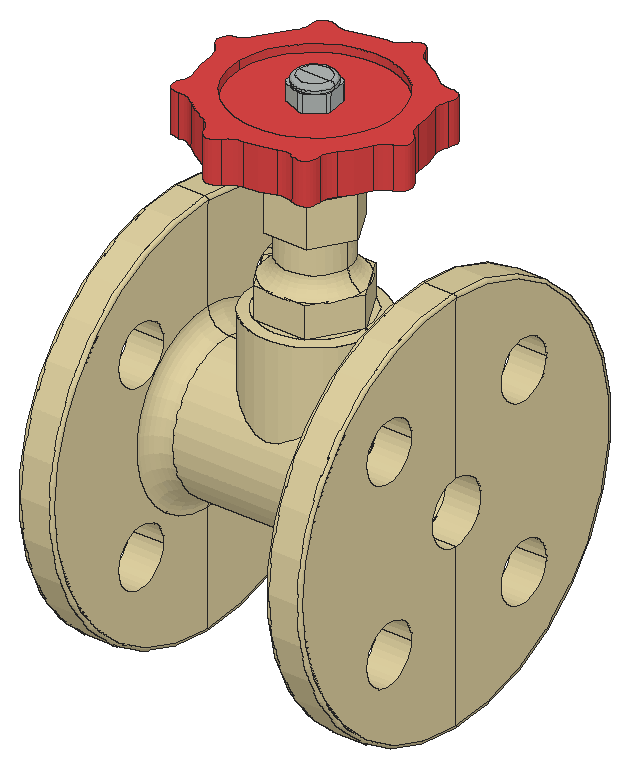
Revit family "AA01930000", category Apparecchi idraulici, Revit 2020
Family settings
  Quota connettore circolare = Usa diametro
  Tipo di parte = Normale
  Numero OmniClass = 23.45.00.00
  Titolo OmniClass = Sanitary, Laundry, and Cleaning Equipment
  Basato su piano di lavoro = No
  Sempre verticale = Sì
  Taglio con vuoti quando caricato = No
  Condiviso = No
  Punto di calcolo locali = No
Parameters
  URL = "https://web.cimberio.it/index.php/figura/647?subcategoria_id="
  Temperatura di esercizio = "-10 ÷ 170°C (DN 15 ÷ 100); -10 ÷ 150°C (DN 125 e 150)"
  Prospetto di default = 0 mm
  Produttore = "CIMBERIO SPA"
  Pressione nominale = "PN 16 (DN 15 ÷ 100); PN 10 (DN 125 e 150)"
  Modello = "Cim *72FPN16"
  Materiale = "Prodotto in lega di ottone conforme alla norma EN 12165-CW617N-DW"
  Descrizione = "Utilizzato nei più svariati settori dell'impiantistica: impianti di riscaldamento, condizionamento, idrici, igienico-sanitari, reti di distribuzione oli, benzine, vapore saturo e in generale con ogni fluido non corrosivo.\r\nUtilizzato nei più svariati settori dell'impiantistica: impianti di riscaldamento, condizionamento, idrici, igienico-sanitari, reti di distribuzione oli, benzine, vapore saturo e in generale con ogni fluido non corrosivo.\r\nUtilizzato nei più svariati settori dell'impiantistica: impianti di riscaldamento, condizionamento, idrici, igienico-sanitari, reti di distribuzione oli, benzine, vapore saturo e in generale con ogni fluido non corrosivo."
  DN [instance] = 15 mm
  Commenti sul tipo = "Realizzato in ottemperanza ai requisiti gestionali della norma EN ISO 9001.\r\nCollaudato al 100% secondo la normativa EN 12266-1"
Reference planes
  plane 1 "Centro (Fronte/Retro)": y = 0
  plane 2: z = 0
  plane 3 "Centro (Sinistra/Destra)": x = 0
Dimensions and locks
  aligned and locked: level to plane 2
Nested families
  nested 1: "AA01933110" at (0, 0, 0), type "AA01933110"
Definition of nested family "AA01933110"
  Parameters (values of type "AA01933110")
    Default Elevation = 0 mm
  Reference planes
    plane 1 "Centro (Fronte/Retro)": y = 0
    plane 2: z = 0
    plane 3 "Centro (Sinistra/Destra)": x = 0
  Forms (mm)
    Revolve 1, solid
      sketch origin (0, 0, 0) x (1, 0, 0) y (0, 0, 1)
        loop
          line (-21, -15) -> (21.177, -15)
          arc (21.177, -15) -> (24.528, -16.353) -> (26, -19.653) r 4.826
          line (26, -19.653) -> (26, -7.5) -> (-26, -7.5) -> (-26, -20)
          arc (-26, -20) -> (-24.536, -16.464) -> (-21, -15) r 5
        axis (-26, 2) -> (26, 2)
      angle from 0 to 360
    Revolve 2, solid
      sketch origin (0, 0, 0) x (1, 0, 0) y (0, 0, 1)
        loop
          line (-15, 4.172) -> (0, 4.172) -> (0, 32.573) -> (-12.5, 32.573) -> (-15, 32.132) -> (-15, 4.172)
        axis (0, 32.573) -> (0, 4.172)
      angle from 0 to 360
    Extrusion 3, solid
      sketch origin (0, 0, 0) x (0, -1, 0) y (1, 0, 0)
        loop
          line (0, 12.5) -> (-10.825, 6.25) -> (-10.825, -6.25) -> (0, -12.5) -> (10.825, -6.25) -> (10.825, 6.25) -> (0, 12.5)
      from 32.132 to 39.804
    Revolve 4, solid
      sketch origin (0, 0, 3.5) x (1, 0, 0) y (0, 0, 1)
        loop
          line (0, 47.5) -> (-7.95, 47.5) -> (-8.019, 40.572)
          arc (-8.019, 40.572) -> (-9.032, 37.961) -> (-11.29, 36.304) r 5
          line (-11.29, 36.304) -> (0, 36.304) -> (0, 47.5)
        axis (0, 47.5) -> (0, 36.304)
      angle from 0 to 360
    Extrusion 5, solid
      sketch origin (0, 0, 0) x (0, -1, 0) y (1, 0, 0)
        loop
          line (0, -10.4) -> (9.007, -5.2) -> (9.007, 5.2) -> (0, 10.4) -> (-9.007, 5.2) -> (-9.007, -5.2) -> (0, -10.4)
      from 51 to 61
    Revolve 6, solid
      sketch origin (0, 0, 3) x (1, 0, 0) y (0, 0, 1)
        loop
          line (-8.5, 67) -> (-8.5, 65.001)
          arc (-8.5, 65.001) -> (-8.353, 64.647) -> (-7.999, 64.5) r 0.501
          line (-7.999, 64.5) -> (-4, 64.5) -> (-4, 58) -> (0, 58) -> (0, 67) -> (-8.5, 67)
        axis (0, 67) -> (0, 58)
      angle from 0 to 360
    Extrusion 7, solid
      sketch origin (0, 0, 0) x (0.999997, -0.002424, 0) y (0.002424, 0.999997, 0)
        loop
          spline (-12.624, 22.54) -> (-13.213, 22.77) -> (-13.791, 22.909) -> (-14.346, 22.954) -> (-14.868, 22.904) -> (-15.347, 22.761) -> (-15.773, 22.527) -> (-16.139, 22.206) -> (-16.438, 21.805) -> (-16.663, 21.332) -> (-16.81, 20.794) -> (-16.877, 20.204) -> (-16.863, 19.572)
          arc (-16.863, 19.572) -> (-17.081, 17.552) -> (-18.08, 15.783) r 5.029
          arc (-18.08, 15.783) -> (-20.241, 12.895) -> (-21.945, 9.716) r 24
          arc (-21.945, 9.716) -> (-23.126, 8.063) -> (-24.865, 7.011) r 5.029
          spline (-24.865, 7.011) -> (-25.444, 6.757) -> (-25.951, 6.447) -> (-26.375, 6.086) -> (-26.709, 5.682) -> (-26.946, 5.242) -> (-27.082, 4.775) -> (-27.114, 4.29) -> (-27.042, 3.795) -> (-26.866, 3.301) -> (-26.591, 2.817) -> (-26.221, 2.352) -> (-25.763, 1.916)
          arc (-25.763, 1.916) -> (-24.489, 0.333) -> (-23.945, -1.624) r 5.029
          arc (-23.945, -1.624) -> (-23.431, -5.195) -> (-22.388, -8.648) r 24
          arc (-22.388, -8.648) -> (-22.054, -10.652) -> (-22.54, -12.624) r 5.029
          spline (-22.54, -12.624) -> (-22.77, -13.213) -> (-22.909, -13.791) -> (-22.954, -14.346) -> (-22.904, -14.868) -> (-22.761, -15.347) -> (-22.527, -15.773) -> (-22.206, -16.139) -> (-21.805, -16.438) -> (-21.332, -16.663) -> (-20.794, -16.81) -> (-20.204, -16.877) -> (-19.572, -16.863)
          arc (-19.572, -16.863) -> (-17.552, -17.081) -> (-15.783, -18.08) r 5.029
          arc (-15.783, -18.08) -> (-12.895, -20.241) -> (-9.716, -21.945) r 24
          arc (-9.716, -21.945) -> (-8.081, -23.106) -> (-7.03, -24.813) r 5.029
          spline (-7.03, -24.813) -> (-6.779, -25.402) -> (-6.471, -25.918) -> (-6.111, -26.351) -> (-5.706, -26.693) -> (-5.265, -26.937) -> (-4.795, -27.079) -> (-4.307, -27.115) -> (-3.809, -27.045) -> (-3.312, -26.871) -> (-2.824, -26.595) -> (-2.356, -26.223) -> (-1.916, -25.763)
          arc (-1.916, -25.763) -> (-0.333, -24.489) -> (1.624, -23.945) r 5.029
          arc (1.624, -23.945) -> (5.195, -23.431) -> (8.648, -22.388) r 24
          arc (8.648, -22.388) -> (10.624, -22.053) -> (12.575, -22.516) r 5.029
          spline (12.575, -22.516) -> (13.172, -22.757) -> (13.759, -22.903) -> (14.323, -22.954) -> (14.854, -22.907) -> (15.341, -22.764) -> (15.773, -22.527) -> (16.144, -22.201) -> (16.445, -21.793) -> (16.671, -21.31) -> (16.816, -20.763) -> (16.879, -20.161) -> (16.858, -19.518)
          arc (16.858, -19.518) -> (17.089, -17.526) -> (18.08, -15.783) r 5.029
          arc (18.08, -15.783) -> (20.241, -12.895) -> (21.945, -9.716) r 24
          arc (21.945, -9.716) -> (23.106, -8.081) -> (24.813, -7.03) r 5.029
          spline (24.813, -7.03) -> (25.406, -6.777) -> (25.924, -6.466) -> (26.359, -6.103) -> (26.701, -5.694) -> (26.944, -5.249) -> (27.082, -4.775) -> (27.114, -4.283) -> (27.038, -3.781) -> (26.856, -3.281) -> (26.572, -2.791) -> (26.191, -2.321) -> (25.721, -1.881)
          arc (25.721, -1.881) -> (24.477, -0.309) -> (23.945, 1.624) r 5.029
          arc (23.945, 1.624) -> (23.431, 5.195) -> (22.388, 8.648) r 24
          arc (22.388, 8.648) -> (22.053, 10.624) -> (22.516, 12.575) r 5.029
          spline (22.516, 12.575) -> (22.757, 13.172) -> (22.903, 13.759) -> (22.954, 14.323) -> (22.907, 14.854) -> (22.764, 15.341) -> (22.527, 15.773) -> (22.201, 16.144) -> (21.793, 16.445) -> (21.31, 16.671) -> (20.763, 16.816) -> (20.161, 16.879) -> (19.518, 16.858)
          arc (19.518, 16.858) -> (17.526, 17.089) -> (15.783, 18.08) r 5.029
          arc (15.783, 18.08) -> (12.895, 20.241) -> (9.716, 21.945) r 24
          arc (9.716, 21.945) -> (8.063, 23.126) -> (7.011, 24.865) r 5.029
          spline (7.011, 24.865) -> (6.755, 25.448) -> (6.442, 25.957) -> (6.078, 26.383) -> (5.67, 26.717) -> (5.227, 26.953) -> (4.755, 27.086) -> (4.266, 27.113) -> (3.768, 27.035) -> (3.271, 26.852) -> (2.784, 26.568) -> (2.318, 26.188) -> (1.881, 25.721)
          arc (1.881, 25.721) -> (0.309, 24.477) -> (-1.624, 23.945) r 5.029
          arc (-1.624, 23.945) -> (-5.195, 23.431) -> (-8.648, 22.388) r 24
          arc (-8.648, 22.388) -> (-10.652, 22.054) -> (-12.624, 22.54) r 5.029
      from 70 to 79.915
    Extrusion 8, void
      sketch origin (0, 0, 0) x (1, 0, 0) y (0, 1, 0)
        loop
          circle (0, 0) r 18.5
      from 78 to 80.921
    Extrusion 9, solid
      sketch origin (0, 0, 0) x (0.999674, -0.025519, 0) y (0.025519, 0.999674, 0)
        loop
          line (-1.377, 5.329) -> (-4.94, 2.419)
          arc (-4.94, 2.419) -> (-5.249, 1.991) -> (-5.302, 1.465) r 1.021
          line (-5.302, 1.465) -> (-4.565, -3.074)
          arc (-4.565, -3.074) -> (-4.349, -3.551) -> (-3.924, -3.858) r 1.012
          line (-3.924, -3.858) -> (0.37, -5.486)
          arc (0.37, -5.486) -> (0.9, -5.54) -> (1.387, -5.321) r 1.03
          line (1.387, -5.321) -> (4.931, -2.427)
          arc (4.931, -2.427) -> (5.246, -1.989) -> (5.3, -1.452) r 1.042
          line (5.3, -1.452) -> (4.567, 3.058)
          arc (4.567, 3.058) -> (4.346, 3.549) -> (3.909, 3.863) r 1.04
          line (3.909, 3.863) -> (-0.382, 5.491)
          arc (-0.382, 5.491) -> (-0.901, 5.543) -> (-1.377, 5.329) r 1.007
      from 78 to 82
    Revolve 10, solid
      sketch origin (0, 0, -0.494) x (1, 0, 0) y (0, 0, 1)
        loop
          line (0, 83.994) -> (0, 81.954) -> (4.75, 81.954) -> (4.75, 82.994)
          arc (4.75, 82.994) -> (4.457, 83.701) -> (3.75, 83.994) r 1
          line (3.75, 83.994) -> (0, 83.994)
        axis (0, 83.994) -> (0, 81.954)
      angle from 0 to 360
    Revolve 11, solid
      sketch origin (0, 0, 0) x (1, 0, 0) y (0, 0, 1)
        loop
          line (-34.5, 46.692) -> (-34.5, 7.5) -> (-26, 7.5) -> (-26, 46.665)
          arc (-26, 46.665) -> (-26.244, 47.256) -> (-26.835, 47.5) r 0.835
          line (-26.835, 47.5) -> (-33.692, 47.5)
          arc (-33.692, 47.5) -> (-34.263, 47.263) -> (-34.5, 46.692) r 0.808
        axis (-34.5, 0) -> (-26, 0)
      angle from 0 to 360
    Revolve 12, solid
      sketch origin (0, 0, 0) x (-1, 0, 0) y (0, 0, 1)
        loop
          line (-34.5, 46.692) -> (-34.5, 7.5) -> (-26, 7.5) -> (-26, 46.665)
          arc (-26, 46.665) -> (-26.244, 47.256) -> (-26.835, 47.5) r 0.835
          line (-26.835, 47.5) -> (-33.692, 47.5)
          arc (-33.692, 47.5) -> (-34.263, 47.263) -> (-34.5, 46.692) r 0.808
        axis (-34.5, 0) -> (-26, 0)
      angle from 0 to 360
    Extrusion 13, void
      sketch origin (0, 0, 0) x (0, 1, 0) y (0, 0, 1)
        loop
          circle (-20.501, 22.119) r 7
        loop
          circle (20.501, 22.119) r 7
        loop
          circle (-20.501, -22.119) r 7
        loop
          circle (20.501, -22.119) r 7
      from -67.413 to 83.391
  Cuts and joins
    Extrusion 8 cuts Extrusion 7
    Extrusion 13 cuts Revolve 11
    Extrusion 13 cuts Revolve 12
  Dimensions and locks
    aligned and locked: level to plane 2
